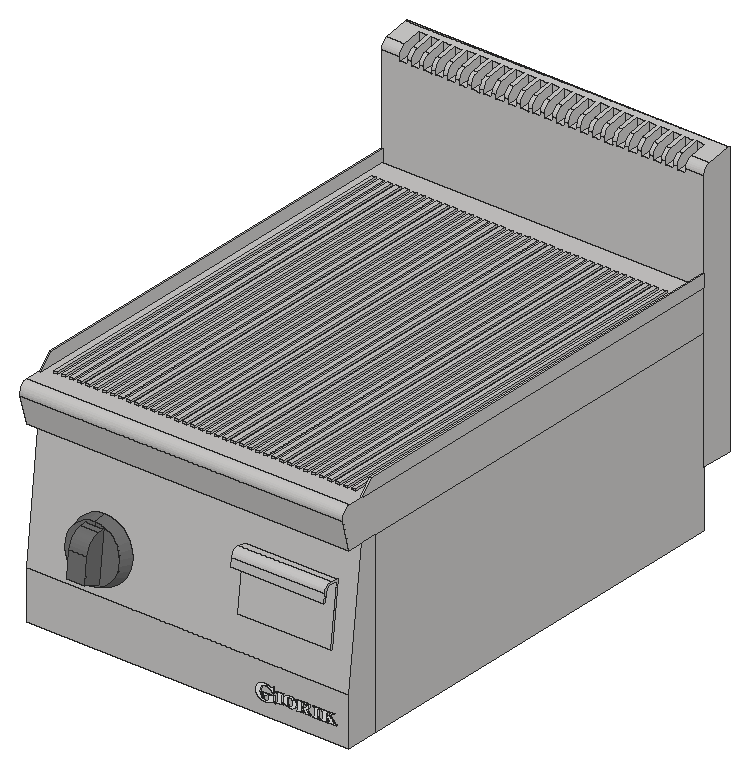
Revit family "QF_GIORIK_LGE4911", category Specialty Equipment, Revit 2014
Parameters (values of type "LGE4911")
  Weight in Pounds = 90.3894
  Watts = 3600 W
  Volts = 230 V
  URL Cutsheet = "www.giorik.com"
  URL = "www.giorik.com"
  Status [instance] = ""
  Specification by User [instance] = ""
  Specification by Manufacturer = ""
  Show Logo [instance] = yes
  Show Clearance [instance] = yes
  Serial Number = ""
  Seismic Rating = ""
  SMACNA No = ""
  Revision Code [instance] = ""
  Phase = 1
  Number of Poles [instance] = 1
  NAFEM Spec ID Number = ""
  Model = "LGE4911"
  Min Ckt Ampacity = 0 A
  Max Overcurrent Protection = 0 A
  Masterspec = ""
  Manufacturer = "GIORIK"
  Item Number [instance] = ""
  Installed By [instance] = ""
  Identify Quantity as Lot [instance] = no
  HP = "4.827672000000"
  Furnished By [instance] = ""
  Foodservice Equipment Identifier [instance] = yes
  FL Amps = 0 A
  Electrical Remarks [instance] = ""
  Electric Connection Type [instance] = ""
  Elec Conn RI Height [instance] = 0 mm
  Elec Conn Connection Height [instance] = 45 mm
  Description = "GRIDDLE RIBBED"
  Cycle = 50 Hz
  Conn Plug = ""
  CSI MasterFormat = ""
  Assembly Code = "E1090320"
  Apparent Power = 3600 VA
Reference planes
  plane 1 "Back": y = 0
  plane 2: z = 0
  plane 3 "Left": x = 0
  plane 4 "Right": x = 400
  plane 5 "Front": y = -600
  plane 6 "Top": z = 430
Forms (mm)
  Extrusion 1, solid
    sketch origin (0, 1000, -580) x (0, 1, 0) y (0, 0, 1)
      loop
        line (-1040.007, 869.975) -> (-1589.445, 869.975)
        arc (-1589.445, 869.975) -> (-1598.171, 865.672) -> (-1600.069, 856.13) r 10.999
        line (-1600.069, 856.13) -> (-1590.388, 820) -> (-1040.007, 820) -> (-1040.007, 869.975)
    from 0 to 400
  Extrusion 2, solid
    sketch origin (0, 0, -560) x (0, 1, 0) y (0, 0, 1)
      loop
        line (-570.06, 849.975) -> (-40.007, 849.975) -> (-40.007, 865.387) -> (-554.648, 865.387) -> (-570.06, 849.975)
    from 0 to 1.85
  Extrusion 3, solid
    sketch origin (0, 0, -560) x (0, 1, 0) y (0, 0, 1)
      loop
        line (-40.007, 800) -> (-550, 800) -> (-550, 580) -> (-40.007, 580) -> (-40.007, 800)
    from 0 to 400
  Extrusion 4, solid
    sketch origin (0, 0, -560) x (0, 1, 0) y (0, 0, 1)
      loop
        line (-550, 800) -> (-570.5, 800) -> (-590, 640) -> (-590, 580) -> (-550, 580) -> (-550, 800)
    from 0 to 400
  Revolve 5, solid
    sketch origin (100.155, 0.456, -560.03) x (0, 1, 0) y (0, 0, 1)
      loop
        line (-598.03, 706.389) -> (-594.27, 737.013) -> (-609.648, 734.852) -> (-613.772, 701.269) -> (-581.482, 697.305) -> (-580.629, 704.252) -> (-598.03, 706.389)
      axis (-581.482, 697.305) -> (-613.772, 701.269)
    angle from 0 to 360
  Extrusion 6, solid
    sketch origin (398.094, 0, -560) x (0, 1, 0) y (0, 0, 1)
      loop
        line (-570.06, 849.975) -> (-40.007, 849.975) -> (-40.007, 865.387) -> (-554.648, 865.387) -> (-570.06, 849.975)
    from -0.15 to 1.906
  Extrusion 7, solid
    sketch origin (0, 0, -560) x (0, 1, 0) y (0, 0, 1)
      loop
        line (-40.007, 974.217) -> (-40.007, 650.827) -> (0, 650.827) -> (0, 988.42)
        arc (0, 988.42) -> (-0.57, 989.648) -> (-1.878, 990) r 1.6
        line (-1.878, 990) -> (-31.072, 984.852)
        arc (-31.072, 984.852) -> (-37.477, 981.162) -> (-40.007, 974.217) r 10.797
    from 0 to 400
  Extrusion 8, solid
    sketch origin (-62.831, 0.456, -560.03) x (0, 1, 0) y (0, 0, 1)
      loop
        line (-635.843, 711.553) -> (-639.647, 680.575) -> (-617.415, 671.593) -> (-610.135, 730.882) -> (-617.934, 729.786)
        arc (-617.934, 729.786) -> (-629.982, 723.708) -> (-635.843, 711.553) r 20.998
    from 151.831 to 173.831
  Extrusion 9, solid
    sketch origin (368.319, 0, -561) x (1, 0, 0) y (0, 0, 1)
      loop
        circle (-38.319, 606) r 12.5
    from 20.007 to 40.007
  Extrusion 10, solid, visible <- "Show Logo"
    sketch origin (191.604, -590.5, -6.113) x (-1, 0, 0) y (0, 0, 1)
      loop
        line (-118.824, 58.358) -> (-127.804, 58.358) -> (-125.523, 56.445) -> (-125.523, 48.027) -> (-127.804, 46.113) -> (-118.824, 46.113) -> (-121.105, 48.027) -> (-121.105, 56.445) -> (-118.824, 58.358)
      loop
        line (-163.721, 58.358) -> (-172.7, 58.358) -> (-170.42, 56.445) -> (-170.42, 48.027) -> (-172.7, 46.113) -> (-163.721, 46.113) -> (-166.001, 48.027) -> (-166.001, 56.445) -> (-163.721, 58.358)
      loop
        line (-174.332, 58.358) -> (-183.312, 58.358) -> (-181.031, 56.445) -> (-181.031, 52.435) -> (-186.419, 56.955) -> (-184.416, 58.358) -> (-191.268, 58.358) -> (-188.01, 56.839) -> (-185.455, 54.283) -> (-190.846, 47.858) -> (-193.396, 46.93) -> (-193.396, 46.113) -> (-184.416, 46.113) -> (-185.437, 47.571) -> (-182.443, 51.552) -> (-181.031, 50.894) -> (-181.031, 48.027) -> (-183.312, 46.113) -> (-174.332, 46.113) -> (-176.613, 48.027) -> (-176.613, 56.445) -> (-174.332, 58.358)
      loop
        line (-115.429, 62.063) -> (-115.429, 54.198)
        arc (-115.429, 54.198) -> (-111.618, 57.803) -> (-106.847, 59.986) r 16.039
        arc (-106.847, 59.986) -> (-103.314, 59.837) -> (-100.512, 57.68) r 5.851
        arc (-100.512, 57.68) -> (-98.815, 52.267) -> (-100.512, 46.853) r 9.479
        arc (-100.512, 46.853) -> (-102.406, 44.986) -> (-104.846, 43.93) r 7.236
        arc (-104.846, 43.93) -> (-107.728, 44.111) -> (-110.052, 45.825) r 5.11
        line (-110.052, 45.825) -> (-110.052, 52.001) -> (-116.141, 52.001) -> (-116.141, 45.503) -> (-117.893, 43.751) -> (-114.094, 44.769)
        arc (-114.094, 44.769) -> (-112.56, 44.947) -> (-111.129, 44.366) r 3.115
        arc (-111.129, 44.366) -> (-104.216, 42.091) -> (-97.303, 44.366) r 11.641
        arc (-97.303, 44.366) -> (-93.396, 52.107) -> (-97.303, 59.849) r 9.622
        arc (-97.303, 59.849) -> (-104.369, 62.174) -> (-111.435, 59.849) r 11.898
        line (-111.435, 59.849) -> (-115.429, 62.063)
      loop
        arc (-129.234, 56.068) -> (-135.893, 58.628) -> (-142.552, 56.068) r 9.941
        arc (-142.552, 56.068) -> (-144.234, 52.286) -> (-142.552, 48.505) r 5.093
        arc (-142.552, 48.505) -> (-135.893, 45.945) -> (-129.234, 48.505) r 9.941
        arc (-129.234, 48.505) -> (-127.552, 52.286) -> (-129.234, 56.068) r 5.093
      loop
        arc (-132.628, 54.403) -> (-135.893, 57.668) -> (-139.158, 54.403) r 3.265
        line (-139.158, 54.403) -> (-139.158, 50.169)
        arc (-139.158, 50.169) -> (-135.893, 46.904) -> (-132.628, 50.169) r 3.265
        line (-132.628, 50.169) -> (-132.628, 54.403)
      loop
        arc (-156.363, 58.365) -> (-159.647, 55.081) -> (-156.363, 51.796) r 3.285
        line (-156.363, 51.796) -> (-159.529, 47.306) -> (-162.087, 46.113) -> (-155.847, 46.113) -> (-153.529, 51.083) -> (-150.637, 51.083) -> (-150.637, 47.784) -> (-153.022, 46.113) -> (-144.011, 46.113) -> (-146.094, 47.68) -> (-146.094, 56.493) -> (-144.229, 58.365) -> (-156.363, 58.365)
      loop
        line (-150.637, 57.512) -> (-153.637, 57.512)
        arc (-153.637, 57.512) -> (-156.237, 54.912) -> (-153.637, 52.312) r 2.6
        line (-153.637, 52.312) -> (-150.637, 52.312) -> (-150.637, 57.512)
      loop
        line (-108.924, 52.001) -> (-104.936, 49.005) -> (-100.948, 52.001) -> (-108.924, 52.001)
    from 1.5 to -0.5
  Extrusion 11, void
    sketch origin (7.5, 0, 430) x (0, 1, 0) y (-1, 0, 0)
      loop
        line (-40.007, -25) -> (-9.931, -25) -> (-9.931, -15) -> (-40.007, -15) -> (-40.007, -25)
      loop
        line (-40.007, -40) -> (-9.931, -40) -> (-9.931, -30) -> (-40.007, -30) -> (-40.007, -40)
      loop
        line (-40.007, -55) -> (-9.931, -55) -> (-9.931, -45) -> (-40.007, -45) -> (-40.007, -55)
      loop
        line (-40.007, -70) -> (-9.931, -70) -> (-9.931, -60) -> (-40.007, -60) -> (-40.007, -70)
      loop
        line (-40.007, -85) -> (-9.931, -85) -> (-9.931, -75) -> (-40.007, -75) -> (-40.007, -85)
      loop
        line (-40.007, -100) -> (-9.931, -100) -> (-9.931, -90) -> (-40.007, -90) -> (-40.007, -100)
      loop
        line (-40.007, -115) -> (-9.931, -115) -> (-9.931, -105) -> (-40.007, -105) -> (-40.007, -115)
      loop
        line (-40.007, -130) -> (-9.931, -130) -> (-9.931, -120) -> (-40.007, -120) -> (-40.007, -130)
      loop
        line (-40.007, -145) -> (-9.931, -145) -> (-9.931, -135) -> (-40.007, -135) -> (-40.007, -145)
      loop
        line (-40.007, -160) -> (-9.931, -160) -> (-9.931, -150) -> (-40.007, -150) -> (-40.007, -160)
      loop
        line (-40.007, -175) -> (-9.931, -175) -> (-9.931, -165) -> (-40.007, -165) -> (-40.007, -175)
      loop
        line (-40.007, -190) -> (-9.931, -190) -> (-9.931, -180) -> (-40.007, -180) -> (-40.007, -190)
      loop
        line (-40.007, -205) -> (-9.931, -205) -> (-9.931, -195) -> (-40.007, -195) -> (-40.007, -205)
      loop
        line (-40.007, -220) -> (-9.931, -220) -> (-9.931, -210) -> (-40.007, -210) -> (-40.007, -220)
      loop
        line (-40.007, -235) -> (-9.931, -235) -> (-9.931, -225) -> (-40.007, -225) -> (-40.007, -235)
      loop
        line (-40.007, -250) -> (-9.931, -250) -> (-9.931, -240) -> (-40.007, -240) -> (-40.007, -250)
      loop
        line (-40.007, -265) -> (-9.931, -265) -> (-9.931, -255) -> (-40.007, -255) -> (-40.007, -265)
      loop
        line (-40.007, -280) -> (-9.931, -280) -> (-9.931, -270) -> (-40.007, -270) -> (-40.007, -280)
      loop
        line (-40.007, -295) -> (-9.931, -295) -> (-9.931, -285) -> (-40.007, -285) -> (-40.007, -295)
      loop
        line (-40.007, -310) -> (-9.931, -310) -> (-9.931, -300) -> (-40.007, -300) -> (-40.007, -310)
      loop
        line (-40.007, -325) -> (-9.931, -325) -> (-9.931, -315) -> (-40.007, -315) -> (-40.007, -325)
      loop
        line (-40.007, -340) -> (-9.931, -340) -> (-9.931, -330) -> (-40.007, -330) -> (-40.007, -340)
      loop
        line (-40.007, -355) -> (-9.931, -355) -> (-9.931, -345) -> (-40.007, -345) -> (-40.007, -355)
      loop
        line (-40.007, -370) -> (-9.931, -370) -> (-9.931, -360) -> (-40.007, -360) -> (-40.007, -370)
    from 0 to -20
  Extrusion 12, solid
    sketch origin (566.603, 15.293, -30) x (0, 1, 0) y (-1, 0, 0)
      loop
        circle (-79.293, 516.603) r 5
    from 41.965 to 50
  Revolve 13, solid
    sketch origin (50, 19.943, -600) x (0, 1, 0) y (0, 0, 1)
      loop
        line (-83.943, 611.965) -> (-94.752, 611.965) -> (-97.943, 600) -> (-83.943, 600) -> (-83.943, 611.965)
      axis (-83.943, 611.965) -> (-83.943, 600)
    angle from 0 to 360
  Extrusion 14, solid
    sketch origin (-166.603, 15.293, -30) x (0, 1, 0) y (-1, 0, 0)
      loop
        circle (-79.293, -516.603) r 5
    from 41.965 to 50
  Revolve 15, solid
    sketch origin (350, 19.943, -600) x (0, 1, 0) y (0, 0, -1)
      loop
        line (-83.943, -611.965) -> (-83.943, -600) -> (-97.943, -600) -> (-94.752, -611.965) -> (-83.943, -611.965)
      axis (-83.943, -611.965) -> (-83.943, -600)
    angle from 0 to 360
  Extrusion 16, solid
    sketch origin (566.603, -459.707, -30) x (0, 1, 0) y (-1, 0, 0)
      loop
        circle (-79.293, 516.603) r 5
    from 41.965 to 50
  Revolve 17, solid
    sketch origin (50, -455.057, -600) x (0, 1, 0) y (0, 0, 1)
      loop
        line (-83.943, 611.965) -> (-94.752, 611.965) -> (-97.943, 600) -> (-83.943, 600) -> (-83.943, 611.965)
      axis (-83.943, 611.965) -> (-83.943, 600)
    angle from 0 to 360
  Extrusion 18, solid
    sketch origin (-166.603, -459.707, -30) x (0, 1, 0) y (-1, 0, 0)
      loop
        circle (-79.293, -516.603) r 5
    from 41.965 to 50
  Revolve 19, solid
    sketch origin (350, -455.057, -600) x (0, 1, 0) y (0, 0, -1)
      loop
        line (-83.943, -611.965) -> (-83.943, -600) -> (-97.943, -600) -> (-94.752, -611.965) -> (-83.943, -611.965)
      axis (-83.943, -611.965) -> (-83.943, -600)
    angle from 0 to 360
  Extrusion 20, solid
    sketch origin (122.5, -693.138, -437.283) x (0, 0.992655, -0.12098) y (0, 0.12098, 0.992655)
      loop
        line (40, 640.1) -> (30, 640.1)
        arc (30, 640.1) -> (22.929, 637.171) -> (20, 630.1) r 10
        line (20, 630.1) -> (20, 620.1) -> (22, 620.1) -> (22, 630.1)
        arc (22, 630.1) -> (24.343, 635.757) -> (30, 638.1) r 8
        line (30, 638.1) -> (38, 638.1) -> (38, 565.1) -> (40, 565.1) -> (40, 640.1)
    from 137.5 to 252.5
  Extrusion 21, solid
    sketch origin (-160, 64.993, -573.525) x (1, 0, 0) y (0, 1, 0)
      loop
        line (172.5, -135) -> (172.5, -628.345) -> (177.5, -628.345) -> (177.5, -135) -> (172.5, -135)
      loop
        line (182.5, -135) -> (182.5, -628.345) -> (187.5, -628.345) -> (187.5, -135) -> (182.5, -135)
      loop
        line (192.5, -135) -> (192.5, -628.345) -> (197.5, -628.345) -> (197.5, -135) -> (192.5, -135)
      loop
        line (202.5, -135) -> (202.5, -628.345) -> (207.5, -628.345) -> (207.5, -135) -> (202.5, -135)
      loop
        line (212.5, -135) -> (212.5, -628.345) -> (217.5, -628.345) -> (217.5, -135) -> (212.5, -135)
      loop
        line (222.5, -135) -> (222.5, -628.345) -> (227.5, -628.345) -> (227.5, -135) -> (222.5, -135)
      loop
        line (232.5, -135) -> (232.5, -628.345) -> (237.5, -628.345) -> (237.5, -135) -> (232.5, -135)
      loop
        line (242.5, -135) -> (242.5, -628.345) -> (247.5, -628.345) -> (247.5, -135) -> (242.5, -135)
      loop
        line (252.5, -135) -> (252.5, -628.345) -> (257.5, -628.345) -> (257.5, -135) -> (252.5, -135)
      loop
        line (262.5, -135) -> (262.5, -628.345) -> (267.5, -628.345) -> (267.5, -135) -> (262.5, -135)
      loop
        line (272.5, -135) -> (272.5, -628.345) -> (277.5, -628.345) -> (277.5, -135) -> (272.5, -135)
      loop
        line (282.5, -135) -> (282.5, -628.345) -> (287.5, -628.345) -> (287.5, -135) -> (282.5, -135)
      loop
        line (292.5, -135) -> (292.5, -628.345) -> (297.5, -628.345) -> (297.5, -135) -> (292.5, -135)
      loop
        line (302.5, -135) -> (302.5, -628.345) -> (307.5, -628.345) -> (307.5, -135) -> (302.5, -135)
      loop
        line (312.5, -135) -> (312.5, -628.345) -> (317.5, -628.345) -> (317.5, -135) -> (312.5, -135)
      loop
        line (322.5, -135) -> (322.5, -628.345) -> (327.5, -628.345) -> (327.5, -135) -> (322.5, -135)
      loop
        line (332.5, -135) -> (332.5, -628.345) -> (337.5, -628.345) -> (337.5, -135) -> (332.5, -135)
      loop
        line (342.5, -135) -> (342.5, -628.345) -> (347.5, -628.345) -> (347.5, -135) -> (342.5, -135)
      loop
        line (352.5, -135) -> (352.5, -628.345) -> (357.5, -628.345) -> (357.5, -135) -> (352.5, -135)
      loop
        line (362.5, -135) -> (362.5, -628.345) -> (367.5, -628.345) -> (367.5, -135) -> (362.5, -135)
      loop
        line (372.5, -135) -> (372.5, -628.345) -> (377.5, -628.345) -> (377.5, -135) -> (372.5, -135)
      loop
        line (382.5, -135) -> (382.5, -628.345) -> (387.5, -628.345) -> (387.5, -135) -> (382.5, -135)
      loop
        line (392.5, -135) -> (392.5, -628.345) -> (397.5, -628.345) -> (397.5, -135) -> (392.5, -135)
      loop
        line (402.5, -135) -> (402.5, -628.345) -> (407.5, -628.345) -> (407.5, -135) -> (402.5, -135)
      loop
        line (412.5, -135) -> (412.5, -628.345) -> (417.5, -628.345) -> (417.5, -135) -> (412.5, -135)
      loop
        line (422.5, -135) -> (422.5, -628.345) -> (427.5, -628.345) -> (427.5, -135) -> (422.5, -135)
      loop
        line (432.5, -135) -> (432.5, -628.345) -> (437.5, -628.345) -> (437.5, -135) -> (432.5, -135)
      loop
        line (442.5, -135) -> (442.5, -628.345) -> (447.5, -628.345) -> (447.5, -135) -> (442.5, -135)
      loop
        line (452.5, -135) -> (452.5, -628.345) -> (457.5, -628.345) -> (457.5, -135) -> (452.5, -135)
      loop
        line (462.5, -135) -> (462.5, -628.345) -> (467.5, -628.345) -> (467.5, -135) -> (462.5, -135)
      loop
        line (472.5, -135) -> (472.5, -628.345) -> (477.5, -628.345) -> (477.5, -135) -> (472.5, -135)
      loop
        line (482.5, -135) -> (482.5, -628.345) -> (487.5, -628.345) -> (487.5, -135) -> (482.5, -135)
      loop
        line (492.5, -135) -> (492.5, -628.345) -> (497.5, -628.345) -> (497.5, -135) -> (492.5, -135)
      loop
        line (502.5, -135) -> (502.5, -628.345) -> (507.5, -628.345) -> (507.5, -135) -> (502.5, -135)
      loop
        line (512.5, -135) -> (512.5, -628.345) -> (517.5, -628.345) -> (517.5, -135) -> (512.5, -135)
      loop
        line (522.5, -135) -> (522.5, -628.345) -> (527.5, -628.345) -> (527.5, -135) -> (522.5, -135)
      loop
        line (532.5, -135) -> (532.5, -628.345) -> (537.5, -628.345) -> (537.5, -135) -> (532.5, -135)
      loop
        line (542.5, -135) -> (542.5, -628.345) -> (547.5, -628.345) -> (547.5, -135) -> (542.5, -135)
    from 863.5 to 865.5
Cuts and joins
  Extrusion 11 cuts Extrusion 7
Lines and regions (mm)
  symbolic lines, style "200-EquipBorder-2D"
    curve 1: line (400, 0, 0) -> (0, 0, 0)
    curve 2: line (0, 0, 0) -> (0, -600, 0)
    curve 80: line (400, -600, 430) -> (400, 0, 430)
    curve 233: line (0, -600, 430) -> (400, -600, 430)
    curve 234: spline (88.895, -617.2, 990) -> (85.684, -617.039, 990) -> (82.625, -616.839, 990) -> (79.751, -616.602, 990) -> (77.091, -616.33, 990) -> (74.674, -616.026, 990) -> (72.526, -615.694, 990) -> (70.668, -615.336, 990) -> (69.12, -614.957, 990) -> (67.899, -614.561, 990) -> (67.018, -614.152, 990) -> (66.485, -613.734, 990) -> (66.307, -613.311, 990)
    curve 235: spline (133.969, -613.406, 990) -> (133.715, -613.824, 990) -> (133.114, -614.237, 990) -> (132.171, -614.641, 990) -> (130.896, -615.031, 990) -> (129.303, -615.403, 990) -> (127.408, -615.753, 990) -> (125.231, -616.078, 990) -> (122.794, -616.374, 990) -> (120.122, -616.639, 990) -> (117.244, -616.869, 990) -> (114.188, -617.063, 990) -> (110.987, -617.217, 990)
    curve 236: line (66.307, -613.311, 990) -> (62.63, -599.998, 990)
    curve 237: line (133.969, -613.406, 990) -> (137.474, -599.998, 990)
    curve 238: line (88.895, -639.188, 430) -> (88.895, -609.677, 430)
    curve 239: line (88.895, -639.188, 430) -> (110.895, -639.188, 430)
    curve 240: line (110.895, -639.188, 430) -> (110.895, -609.677, 430)
    curve 241: spline (66.307, -613.311, 430) -> (67.459, -612.262, 430) -> (70.837, -611.284, 430) -> (76.209, -610.444, 430) -> (83.211, -609.799, 430) -> (91.365, -609.394, 430) -> (100.116, -609.256, 430) -> (108.866, -609.394, 430) -> (117.02, -609.799, 430) -> (124.022, -610.444, 430) -> (129.395, -611.284, 430) -> (132.772, -612.262, 430) -> (133.924, -613.311, 430)
    curve 242: line (88.895, -609.677, 430) -> (110.895, -609.677, 430)
  symbolic lines, style "200-EquipInternal-2D"
    curve 3: line (400, -40.007, 430) -> (0, -40.007, 430)
    curve 4: line (397.944, -570.06, 430) -> (400, -570.06, 430)
    curve 5: line (397.944, -40.007, 430) -> (397.944, -570.06, 430)
    curve 6: line (0, -570.06, 430) -> (1.85, -570.06, 430)
    curve 7: line (1.85, -570.06, 430) -> (1.85, -40.007, 430)
    curve 8: line (22.5, -9.931, 290) -> (22.5, -40.007, 290)
    curve 9: line (32.5, -40.007, 290) -> (32.5, -9.931, 290)
    curve 10: line (37.5, -9.931, 290) -> (37.5, -40.007, 290)
    curve 11: line (47.5, -40.007, 290) -> (47.5, -9.931, 290)
    curve 12: line (52.5, -9.931, 290) -> (52.5, -40.007, 290)
    curve 13: line (62.5, -40.007, 290) -> (62.5, -9.931, 290)
    curve 14: line (82.5, -9.931, 290) -> (82.5, -40.007, 290)
    curve 15: line (92.5, -40.007, 290) -> (92.5, -9.931, 290)
    curve 16: line (97.5, -9.931, 290) -> (97.5, -40.007, 290)
    curve 17: line (107.5, -40.007, 290) -> (107.5, -9.931, 290)
    curve 18: line (137.5, -40.007, 290) -> (137.5, -9.931, 290)
    curve 19: line (127.5, -9.931, 290) -> (127.5, -40.007, 290)
    curve 20: line (152.5, -40.007, 290) -> (152.5, -9.931, 290)
    curve 21: line (157.5, -9.931, 290) -> (157.5, -40.007, 290)
    curve 22: line (167.5, -40.007, 290) -> (167.5, -9.931, 290)
    curve 23: line (142.5, -9.931, 290) -> (142.5, -40.007, 290)
    curve 24: line (197.5, -40.007, 290) -> (197.5, -9.931, 290)
    curve 25: line (187.5, -9.931, 290) -> (187.5, -40.007, 290)
    curve 26: line (202.5, -9.931, 290) -> (202.5, -40.007, 290)
    curve 27: line (212.5, -40.007, 290) -> (212.5, -9.931, 290)
    curve 28: line (217.5, -9.931, 290) -> (217.5, -40.007, 290)
    curve 29: line (227.5, -40.007, 290) -> (227.5, -9.931, 290)
    curve 30: line (247.5, -9.931, 290) -> (247.5, -40.007, 290)
    curve 31: line (257.5, -40.007, 290) -> (257.5, -9.931, 290)
    curve 32: line (262.5, -9.931, 290) -> (262.5, -40.007, 290)
    curve 33: line (272.5, -40.007, 290) -> (272.5, -9.931, 290)
    curve 34: line (277.5, -9.931, 290) -> (277.5, -40.007, 290)
    curve 35: line (287.5, -40.007, 290) -> (287.5, -9.931, 290)
    curve 36: line (317.5, -40.007, 290) -> (317.5, -9.931, 290)
    curve 37: line (307.5, -9.931, 290) -> (307.5, -40.007, 290)
    curve 38: line (332.5, -40.007, 290) -> (332.5, -9.931, 290)
    curve 39: line (322.5, -9.931, 290) -> (322.5, -40.007, 290)
    curve 40: line (337.5, -9.931, 290) -> (337.5, -40.007, 290)
    curve 41: line (347.5, -40.007, 290) -> (347.5, -9.931, 290)
    curve 42: line (367.5, -9.931, 290) -> (367.5, -40.007, 290)
    curve 43: line (377.5, -40.007, 290) -> (377.5, -9.931, 290)
    curve 44: line (377.5, -9.931, 290) -> (367.5, -9.931, 290)
    curve 45: line (347.5, -9.931, 290) -> (337.5, -9.931, 290)
    curve 46: line (332.5, -9.931, 290) -> (322.5, -9.931, 290)
    curve 47: line (317.5, -9.931, 290) -> (307.5, -9.931, 290)
    curve 48: line (272.5, -9.931, 290) -> (262.5, -9.931, 290)
    curve 49: line (107.5, -9.931, 290) -> (97.5, -9.931, 290)
    curve 50: line (92.5, -9.931, 290) -> (82.5, -9.931, 290)
    curve 51: line (62.5, -9.931, 290) -> (52.5, -9.931, 290)
    curve 52: line (32.5, -9.931, 290) -> (22.5, -9.931, 290)
    curve 53: line (137.5, -9.931, 290) -> (127.5, -9.931, 290)
    curve 54: line (152.5, -9.931, 290) -> (142.5, -9.931, 290)
    curve 55: line (167.5, -9.931, 290) -> (157.5, -9.931, 290)
    curve 56: line (197.5, -9.931, 290) -> (187.5, -9.931, 290)
    curve 57: line (212.5, -9.931, 290) -> (202.5, -9.931, 290)
    curve 58: line (227.5, -9.931, 290) -> (217.5, -9.931, 290)
    curve 59: line (257.5, -9.931, 290) -> (247.5, -9.931, 290)
    curve 60: line (47.5, -9.931, 290) -> (37.5, -9.931, 290)
    curve 61: line (67.5, -9.931, 430) -> (67.5, -40.007, 430)
    curve 62: line (77.5, -40.007, 430) -> (77.5, -9.931, 430)
    curve 63: line (77.5, -9.931, 430) -> (67.5, -9.931, 430)
    curve 64: line (112.5, -9.931, 430) -> (112.5, -40.007, 430)
    curve 65: line (122.5, -40.007, 430) -> (122.5, -9.931, 430)
    curve 66: line (122.5, -9.931, 430) -> (112.5, -9.931, 430)
    curve 67: line (172.5, -9.931, 430) -> (172.5, -40.007, 430)
    curve 68: line (182.5, -40.007, 430) -> (182.5, -9.931, 430)
    curve 69: line (182.5, -9.931, 430) -> (172.5, -9.931, 430)
    curve 70: line (232.5, -9.931, 430) -> (232.5, -40.007, 430)
    curve 71: line (242.5, -40.007, 430) -> (242.5, -9.931, 430)
    curve 72: line (242.5, -9.931, 430) -> (232.5, -9.931, 430)
    curve 73: line (287.5, -9.931, 430) -> (277.5, -9.931, 430)
    curve 74: line (302.5, -9.931, 430) -> (292.5, -9.931, 430)
    curve 75: line (292.5, -9.931, 430) -> (292.5, -40.007, 430)
    curve 76: line (302.5, -40.007, 430) -> (302.5, -9.931, 430)
    curve 77: line (352.5, -9.931, 430) -> (352.5, -40.007, 430)
    curve 78: line (362.5, -40.007, 430) -> (362.5, -9.931, 430)
    curve 79: line (362.5, -9.931, 430) -> (352.5, -9.931, 430)
    curve 81: line (17.5, -70.007, 290) -> (12.5, -70.007, 290)
    curve 82: line (27.5, -70.007, 290) -> (22.5, -70.007, 290)
    curve 83: line (37.5, -70.007, 290) -> (32.5, -70.007, 290)
    curve 84: line (47.5, -70.007, 290) -> (42.5, -70.007, 290)
    curve 85: line (57.5, -70.007, 290) -> (52.5, -70.007, 290)
    curve 86: line (67.5, -70.007, 290) -> (62.5, -70.007, 290)
    curve 87: line (77.5, -70.007, 290) -> (72.5, -70.007, 290)
    curve 88: line (87.5, -70.007, 290) -> (82.5, -70.007, 290)
    curve 89: line (97.5, -70.007, 290) -> (92.5, -70.007, 290)
    curve 90: line (92.5, -70.007, 290) -> (92.5, -563.352, 290)
    curve 91: line (87.5, -563.352, 290) -> (87.5, -70.007, 290)
    curve 92: line (82.5, -70.007, 290) -> (82.5, -563.352, 290)
    curve 93: line (77.5, -563.352, 290) -> (77.5, -70.007, 290)
    curve 94: line (72.5, -70.007, 290) -> (72.5, -563.352, 290)
    curve 95: line (62.5, -70.007, 290) -> (62.5, -563.352, 290)
    curve 96: line (67.5, -563.352, 290) -> (67.5, -70.007, 290)
    curve 97: line (57.5, -563.352, 290) -> (57.5, -70.007, 290)
    curve 98: line (52.5, -70.007, 290) -> (52.5, -563.352, 290)
    curve 99: line (47.5, -563.352, 290) -> (47.5, -70.007, 290)
    curve 100: line (42.5, -70.007, 290) -> (42.5, -563.352, 290)
    curve 101: line (37.5, -563.352, 290) -> (37.5, -70.007, 290)
    curve 102: line (32.5, -70.007, 290) -> (32.5, -563.352, 290)
    curve 103: line (22.5, -70.007, 290) -> (22.5, -563.352, 290)
    curve 104: line (17.5, -563.352, 290) -> (17.5, -70.007, 290)
    curve 105: line (12.5, -70.007, 290) -> (12.5, -563.352, 290)
    curve 106: line (27.5, -563.352, 290) -> (27.5, -70.007, 290)
    curve 107: line (167.5, -563.352, 290) -> (167.5, -70.007, 290)
    curve 108: line (162.5, -70.007, 290) -> (162.5, -563.352, 290)
    curve 109: line (157.5, -563.352, 290) -> (157.5, -70.007, 290)
    curve 110: line (152.5, -70.007, 290) -> (152.5, -563.352, 290)
    curve 111: line (147.5, -563.352, 290) -> (147.5, -70.007, 290)
    curve 112: line (142.5, -70.007, 290) -> (142.5, -563.352, 290)
    curve 113: line (137.5, -563.352, 290) -> (137.5, -70.007, 290)
    curve 114: line (132.5, -70.007, 290) -> (132.5, -563.352, 290)
    curve 115: line (127.5, -563.352, 290) -> (127.5, -70.007, 290)
    curve 116: line (122.5, -70.007, 290) -> (122.5, -563.352, 290)
    curve 117: line (117.5, -563.352, 290) -> (117.5, -70.007, 290)
    curve 118: line (112.5, -70.007, 290) -> (112.5, -563.352, 290)
    curve 119: line (107.5, -563.352, 290) -> (107.5, -70.007, 290)
    curve 120: line (102.5, -70.007, 290) -> (102.5, -563.352, 290)
    curve 121: line (97.5, -563.352, 290) -> (97.5, -70.007, 290)
    curve 122: line (107.5, -70.007, 290) -> (102.5, -70.007, 290)
    curve 123: line (117.5, -70.007, 290) -> (112.5, -70.007, 290)
    curve 124: line (127.5, -70.007, 290) -> (122.5, -70.007, 290)
    curve 125: line (137.5, -70.007, 290) -> (132.5, -70.007, 290)
    curve 126: line (147.5, -70.007, 290) -> (142.5, -70.007, 290)
    curve 127: line (157.5, -70.007, 290) -> (152.5, -70.007, 290)
    curve 128: line (167.5, -70.007, 290) -> (162.5, -70.007, 290)
    curve 129: line (172.5, -70.007, 290) -> (172.5, -563.352, 290)
    curve 130: line (177.5, -563.352, 290) -> (177.5, -70.007, 290)
    curve 131: line (182.5, -70.007, 290) -> (182.5, -563.352, 290)
    curve 132: line (187.5, -563.352, 290) -> (187.5, -70.007, 290)
    curve 133: line (192.5, -70.007, 290) -> (192.5, -563.352, 290)
    curve 134: line (197.5, -563.352, 290) -> (197.5, -70.007, 290)
    curve 135: line (202.5, -70.007, 290) -> (202.5, -563.352, 290)
    curve 136: line (207.5, -563.352, 290) -> (207.5, -70.007, 290)
    curve 137: line (212.5, -70.007, 290) -> (212.5, -563.352, 290)
    curve 138: line (217.5, -563.352, 290) -> (217.5, -70.007, 290)
    curve 139: line (222.5, -70.007, 290) -> (222.5, -563.352, 290)
    curve 140: line (227.5, -563.352, 290) -> (227.5, -70.007, 290)
    curve 141: line (232.5, -70.007, 290) -> (232.5, -563.352, 290)
    curve 142: line (237.5, -563.352, 290) -> (237.5, -70.007, 290)
    curve 143: line (242.5, -70.007, 290) -> (242.5, -563.352, 290)
    curve 144: line (247.5, -563.352, 290) -> (247.5, -70.007, 290)
    curve 145: line (252.5, -70.007, 290) -> (252.5, -563.352, 290)
    curve 146: line (257.5, -563.352, 290) -> (257.5, -70.007, 290)
    curve 147: line (262.5, -70.007, 290) -> (262.5, -563.352, 290)
    curve 148: line (267.5, -563.352, 290) -> (267.5, -70.007, 290)
    curve 149: line (272.5, -70.007, 290) -> (272.5, -563.352, 290)
    curve 150: line (277.5, -563.352, 290) -> (277.5, -70.007, 290)
    curve 151: line (282.5, -70.007, 290) -> (282.5, -563.352, 290)
    curve 152: line (287.5, -563.352, 290) -> (287.5, -70.007, 290)
    curve 153: line (292.5, -70.007, 290) -> (292.5, -563.352, 290)
    curve 154: line (297.5, -563.352, 290) -> (297.5, -70.007, 290)
    curve 155: line (302.5, -70.007, 290) -> (302.5, -563.352, 290)
    curve 156: line (307.5, -563.352, 290) -> (307.5, -70.007, 290)
    curve 157: line (312.5, -70.007, 290) -> (312.5, -563.352, 290)
    curve 158: line (317.5, -563.352, 290) -> (317.5, -70.007, 290)
    curve 159: line (322.5, -70.007, 290) -> (322.5, -563.352, 290)
    curve 160: line (327.5, -563.352, 290) -> (327.5, -70.007, 290)
    curve 161: line (337.5, -563.352, 290) -> (337.5, -70.007, 290)
    curve 162: line (332.5, -70.007, 290) -> (332.5, -563.352, 290)
    curve 163: line (342.5, -70.007, 290) -> (342.5, -563.352, 290)
    curve 164: line (347.5, -563.352, 290) -> (347.5, -70.007, 290)
    curve 165: line (352.5, -70.007, 290) -> (352.5, -563.352, 290)
    curve 166: line (357.5, -563.352, 290) -> (357.5, -70.007, 290)
    curve 167: line (362.5, -70.007, 290) -> (362.5, -563.352, 290)
    curve 168: line (367.5, -563.352, 290) -> (367.5, -70.007, 290)
    curve 169: line (372.5, -70.007, 290) -> (372.5, -563.352, 290)
    curve 170: line (377.5, -563.352, 290) -> (377.5, -70.007, 290)
    curve 171: line (382.5, -70.007, 290) -> (382.5, -563.352, 290)
    curve 172: line (387.5, -563.352, 290) -> (387.5, -70.007, 290)
    curve 173: line (387.5, -70.007, 290) -> (382.5, -70.007, 290)
    curve 174: line (377.5, -70.007, 290) -> (372.5, -70.007, 290)
    curve 175: line (367.5, -70.007, 290) -> (362.5, -70.007, 290)
    curve 176: line (357.5, -70.007, 290) -> (352.5, -70.007, 290)
    curve 177: line (347.5, -70.007, 290) -> (342.5, -70.007, 290)
    curve 178: line (337.5, -70.007, 290) -> (332.5, -70.007, 290)
    curve 179: line (327.5, -70.007, 290) -> (322.5, -70.007, 290)
    curve 180: line (317.5, -70.007, 290) -> (312.5, -70.007, 290)
    curve 181: line (307.5, -70.007, 290) -> (302.5, -70.007, 290)
    curve 182: line (297.5, -70.007, 290) -> (292.5, -70.007, 290)
    curve 183: line (287.5, -70.007, 290) -> (282.5, -70.007, 290)
    curve 184: line (277.5, -70.007, 290) -> (272.5, -70.007, 290)
    curve 185: line (267.5, -70.007, 290) -> (262.5, -70.007, 290)
    curve 186: line (257.5, -70.007, 290) -> (252.5, -70.007, 290)
    curve 187: line (247.5, -70.007, 290) -> (242.5, -70.007, 290)
    curve 188: line (237.5, -70.007, 290) -> (232.5, -70.007, 290)
    curve 189: line (227.5, -70.007, 290) -> (222.5, -70.007, 290)
    curve 190: line (177.5, -70.007, 290) -> (172.5, -70.007, 290)
    curve 191: line (187.5, -70.007, 290) -> (182.5, -70.007, 290)
    curve 192: line (197.5, -70.007, 290) -> (192.5, -70.007, 290)
    curve 193: line (207.5, -70.007, 290) -> (202.5, -70.007, 290)
    curve 194: line (217.5, -70.007, 290) -> (212.5, -70.007, 290)
    curve 195: line (17.5, -563.352, 290) -> (12.5, -563.352, 290)
    curve 196: line (27.5, -563.352, 290) -> (22.5, -563.352, 290)
    curve 197: line (37.5, -563.352, 290) -> (32.5, -563.352, 290)
    curve 198: line (47.5, -563.352, 290) -> (42.5, -563.352, 290)
    curve 199: line (57.5, -563.352, 290) -> (52.5, -563.352, 290)
    curve 200: line (67.5, -563.352, 290) -> (62.5, -563.352, 290)
    curve 201: line (77.5, -563.352, 290) -> (72.5, -563.352, 290)
    curve 202: line (87.5, -563.352, 290) -> (82.5, -563.352, 290)
    curve 203: line (97.5, -563.352, 290) -> (92.5, -563.352, 290)
    curve 204: line (107.5, -563.352, 290) -> (102.5, -563.352, 290)
    curve 205: line (117.5, -563.352, 290) -> (112.5, -563.352, 290)
    curve 206: line (127.5, -563.352, 290) -> (122.5, -563.352, 290)
    curve 207: line (137.5, -563.352, 290) -> (132.5, -563.352, 290)
    curve 208: line (147.5, -563.352, 290) -> (142.5, -563.352, 290)
    curve 209: line (157.5, -563.352, 290) -> (152.5, -563.352, 290)
    curve 210: line (167.5, -563.352, 290) -> (162.5, -563.352, 290)
    curve 211: line (387.5, -563.352, 290) -> (382.5, -563.352, 290)
    curve 212: line (377.5, -563.352, 290) -> (372.5, -563.352, 290)
    curve 213: line (367.5, -563.352, 290) -> (362.5, -563.352, 290)
    curve 214: line (357.5, -563.352, 290) -> (352.5, -563.352, 290)
    curve 215: line (347.5, -563.352, 290) -> (342.5, -563.352, 290)
    curve 216: line (337.5, -563.352, 290) -> (332.5, -563.352, 290)
    curve 217: line (327.5, -563.352, 290) -> (322.5, -563.352, 290)
    curve 218: line (317.5, -563.352, 290) -> (312.5, -563.352, 290)
    curve 219: line (307.5, -563.352, 290) -> (302.5, -563.352, 290)
    curve 220: line (297.5, -563.352, 290) -> (292.5, -563.352, 290)
    curve 221: line (287.5, -563.352, 290) -> (282.5, -563.352, 290)
    curve 222: line (277.5, -563.352, 290) -> (272.5, -563.352, 290)
    curve 223: line (267.5, -563.352, 290) -> (262.5, -563.352, 290)
    curve 224: line (257.5, -563.352, 290) -> (252.5, -563.352, 290)
    curve 225: line (247.5, -563.352, 290) -> (242.5, -563.352, 290)
    curve 226: line (237.5, -563.352, 290) -> (232.5, -563.352, 290)
    curve 227: line (227.5, -563.352, 290) -> (222.5, -563.352, 290)
    curve 228: line (177.5, -563.352, 290) -> (172.5, -563.352, 290)
    curve 229: line (187.5, -563.352, 290) -> (182.5, -563.352, 290)
    curve 230: line (197.5, -563.352, 290) -> (192.5, -563.352, 290)
    curve 231: line (207.5, -563.352, 290) -> (202.5, -563.352, 290)
    curve 232: line (217.5, -563.352, 290) -> (212.5, -563.352, 290)
Dimensions and locks
  plane 3 "Left" to plane 4 "Right" = 400 mm
  plane 5 "Front" to plane 1 "Back" = 600 mm
  plane 4 "Right" to plane 3 "Left" = 400 mm
  plane 1 "Back" to plane 5 "Front" = 600 mm
  plane 6 "Top" to level = 430 mm  (x2)
  aligned and locked: level to plane 2
Connectors
  electrical at (330, -20.007, 45), driven by "Apparent Power", driven by "Volts", driven by "Number of Poles"
    settings: on Extrusion 9, index 1, voltage 230 V, apparent load 0 VA, apparent load phase1 3600 VA, apparent load phase2 0 VA, apparent load phase3 0 VA, power factor 1, load classification "Other", number of poles 1, system type 31, power factor state 1, is connector primary yes, connector utility no, sub classification motor no, connector description "Electrical connection"
